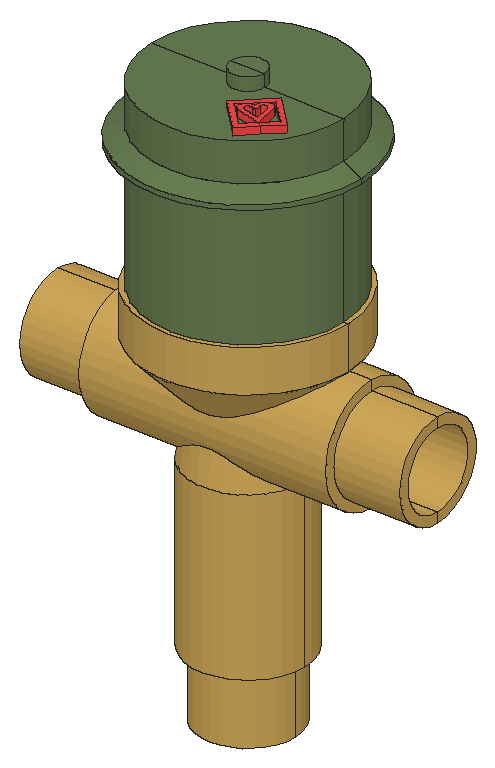
Revit family "Смесительный клапан системы водоснабжения 7766 54", category Rohrzubehör, Revit 2018
Family settings
  Bemaßung runder Anschluss = Durchmesser verwenden
  Teiletyp = Unterbricht
  OmniClass-Nummer = 23.65.55.14
  OmniClass-Titel = Valves for Liquid Services
  Arbeitsebenenbasiert = Nein
  Immer vertikal = Ja
  Beim Laden mit Abzugskörper schneiden = Nein
  Gemeinsam genutzt = Nein
Parameters
  Шпиндель = "латунь, устойчивая к селективной цинковой коррозии, CW626N"  # constant formula
  Уплотнение = "EPDM"  # constant formula
  Среда = "Питьевая вода"  # constant formula
  Пружина = "нержавеющая сталь 1.4310"  # constant formula
  Примечание = "В соответствии со статьей 33 Регламента REACH (Registration; Evaluation; Authorisation; Restriction of Chemicals) (EC № 1907/2006) мы обязаны указать, что свинец внесен в список SVHC (Substances of Very High Concern - вещества очень высокой важности) и весовой процент свинца во всех латунных компонентах заводского изготовления в наших изделиях, превышает 0,1 % (w/w) (CAS: 7439-92-1 / EINECS: 231-100-4).\r\nПоскольку свинец является легирующим компонентом сплава, прямое негативное влияние исключается, и поэтому дополнительной информации о безопасном использовании не требуется."
  Номер заказа = 2776654  # constant formula
  Маховик = "ABS"  # constant formula
  Корпус = "латунь, устойчивая к селективной цинковой коррозии, CC770S"  # constant formula
  Температурная стабильность на выходе = "+-2°C"  # constant formula
  Мин. превышение температуры горячей воды над температурой воды в смесителе = 15 °C  # constant formula
  Мин. расход = 0.07 L/s  # constant formula
  Мин. рабочая температура (холодная вода) = "5 °C - 25 °C"  # constant formula
  Макс. рабочая температура (горячая вода) = 85 °C  # constant formula
  Макс. рабочее давление (динамическое) = "0.2 - 6 bar"  # constant formula
  Указания по техническому обслуживанию = "• Рекомендуется проведение проверки не реже одного раза в год.\r\n   При использовании воды плохого или неизвестного качества проверки следует проводить чаще.\r\n• Проверки температуры воды на выходе должны выполняться точно таким же способом, как и при первичной установке; значение этой температуры не должно отличаться от заданной температуры более, чем на + / - 2 °С.\r\n• Обратные клапаны легко доступны для чистки.\r\n   Рекомендуется использовать плоскогубцы с удлиненными губками для того, чтобы избежать повреждений обратного клапана при его извлечении.\r\n• Помимо снятия маховика и очистки обратного клапана дальнейший демонтаж клапана для технического обслуживания не требуется."
  URL = "www.herz-armaturen.ru"
  Диапазон установки = "35 °C - 50 °C"  # constant formula
  Указания по безопасности = "Cмесительный клапан для систем питьевого водоснабжения выполняет функцию защитaы от ожога.\r\nЕго рекомендуется заменять каждые 5 лет.\r\nМестные стандарты и правила должны соблюдаться."
  SCTWSEQ = "AW;SBT_TYP_AW=\"104\";3"
  SCTWCODE = "04;18;03"  # constant formula
  S02 = H07 - H01 - H05  # 38.4 mm
  S01 = H00 - H01  # 61 mm
  R07 = 3.5 mm  # constant formula
  R06 = 24 mm  # constant formula
  R05 = 20.3 mm  # constant formula
  R04 = 24 mm  # constant formula
  R03 = R02 + 2 mm  # 12 mm
  R02 = Nennweite / 2  # 10 mm
  R01 = 8 mm  # constant formula
  Nennweite = 20 mm  # constant formula
  Температура смешения (заводская настройка) = 45 °C  # constant formula
  LO1 = H07 - H05  # 59.4 mm
  L02 = 21.3 mm  # constant formula
  L01 = 12 mm  # constant formula
  L00 = 40 mm  # constant formula
  Внутренние части = "латунь, устойчивая к селективной цинковой коррозии, CW626N"  # constant formula
  Hersteller = "HERZ Armaturen Ges.m.b.H."  # constant formula
  H08 = 8 mm  # constant formula
  H07 = 62 mm  # constant formula
  H06 = 25.4 mm  # constant formula
  H05 = 2.6 mm  # constant formula
  H04 = 35 mm  # constant formula
  H03 = 14 mm  # constant formula
  H02 = 9 mm  # constant formula
  H01 = 21 mm  # constant formula
  H00 = 82 mm  # constant formula
  Принцип работы = "Термостатический смесительный клапан 7766 TMV применяется в системах с теплой питьевой водой.\r\nНезависимо от изменений давления или температуры холодной и горячей воды, смешиваемой в клапане, смешанная вода постоянно регулируется до заданной температуры и расхода.\r\nТермостатический клапан работает независимо и без дополнительной энергии.\r\nПосле монтажа предварительно настроенное значение желаемой температуры смешивания поддерживается постоянным в пределах гистерезиса регулирования."
  Расход при давлении 3 бар = 0.7 L/s  # constant formula
  Рабочее давление (статическое) = 1000000.0 Pa  # constant formula
  Резьба для подключения = "плоское уплотнение, G 3/4"  # constant formula
Reference planes
  plane 1 "Mitte (Vorne/hinten)": y = 0
  plane 2: z = 0
  plane 3 "Mitte (Links/rechts)": x = 0
Forms (mm)
  Revolve 1, solid, material "Kunststoff GRÜN", detail levels fine
    sketch origin (-2.352, 0, -141.797) x (1, 0, 0) y (0, 0, 1)
      loop
        line (-1.148, 201.197) -> (-17.948, 201.197) -> (-17.948, 193.197) -> (-21.648, 191.197) -> (-21.648, 190.197) -> (-17.948, 188.197) -> (-17.948, 162.797) -> (2.352, 162.797) -> (2.352, 203.797) -> (-1.148, 203.797) -> (-1.148, 201.197)
      axis (2.352, 203.797) -> (2.352, 162.797)
    angle from 0 to 360
  Revolve 2, solid, material "Messing, weicher Gelbton, geschweißt", detail levels fine
    sketch origin (101.455, 0, 0) x (1, 0, 0) y (0, 0, 1)
      loop
        line (-101.455, -49) -> (-101.455, 21) -> (-122.755, 21) -> (-122.755, 12) -> (-111.455, 0) -> (-113.455, -12) -> (-113.455, -47) -> (-111.455, -47) -> (-111.455, -61) -> (-109.455, -61) -> (-109.455, -49) -> (-101.455, -49)
      axis (-101.455, 21) -> (-101.455, -61)
    angle from 0 to 360
  Revolve 3, solid, material "Messing, weicher Gelbton, geschweißt", detail levels fine
    sketch origin (-28, 0, 0) x (1, 0, 0) y (0, 0, 1)
      loop
        line (56, 8) -> (68, 8) -> (68, 10) -> (54, 10) -> (54, 12) -> (2, 12) -> (2, 10) -> (-12, 10) -> (-12, 8) -> (0, 8) -> (0, 0) -> (56, 0) -> (56, 8)
      axis (-12, 0) -> (68, 0)
    angle from 0 to 360
Lines and regions (mm)
  model lines, detail levels coarse+medium
    curve 1: line (-40, 0, 10) -> (-40, 0, -10)
    curve 2: line (-40, 0, -10) -> (40, 0, 10)
    curve 3: line (40, 0, 10) -> (40, 0, -10)
    curve 4: line (40, 0, -10) -> (-40, 0, 10)
    curve 5: line (0, 0, 0) -> (10, 0, -61)
    curve 6: line (10, 0, -61) -> (-10, 0, -61)
    curve 7: line (-10, 0, -61) -> (0, 0, 0)
    curve 8: line (0, 0, 0) -> (0, 0, 21)
    curve 9: line (-20.3, 0, 21) -> (20.3, 0, 21)
    curve 10: line (20.3, 0, 21) -> (20.3, 0, 59.4)
    curve 11: line (20.3, 0, 59.4) -> (-20.3, 0, 59.4)
    curve 12: line (-20.3, 0, 59.4) -> (-20.3, 0, 21)
    curve 13: line (20.3, 0, 59.4) -> (-20.3, 0, 21)
    curve 14: line (-20.3, 0, 59.4) -> (20.3, 0, 21)
    curve 15: line (-40, 10, 0) -> (-40, -10, 0)
    curve 16: line (-40, -10, 0) -> (40, 10, 0)
    curve 17: line (40, 10, 0) -> (40, -10, 0)
    curve 18: line (40, -10, 0) -> (-40, 10, 0)
    curve 19: line (0, 0, 0) -> (-10, -61, 0)
    curve 20: line (-10, -61, 0) -> (10, -61, 0)
    curve 21: line (10, -61, 0) -> (0, 0, 0)
    curve 22: line (0, 0, 0) -> (0, 21, 0)
    curve 23: line (-20.3, 21, 0) -> (20.3, 21, 0)
    curve 24: line (20.3, 21, 0) -> (20.3, 59.4, 0)
    curve 25: line (20.3, 59.4, 0) -> (-20.3, 59.4, 0)
    curve 26: line (-20.3, 59.4, 0) -> (-20.3, 21, 0)
    curve 27: line (20.3, 59.4, 0) -> (-20.3, 21, 0)
    curve 28: line (-20.3, 59.4, 0) -> (20.3, 21, 0)
Dimensions and locks
  "L00": Revolve 3 sketch curve to plane 3 "Mitte (Links/rechts)" to Revolve 3 sketch curve
  "L01": Revolve 3 sketch curve to Revolve 3 sketch curve  (x2)
  "R01": Revolve 3 sketch curve to Revolve 3 sketch curve  (x2)
  "R02": Revolve 3 sketch curve to Revolve 3 sketch curve
  "L02": Revolve 2 sketch curve to Revolve 2 sketch curve
  "H02": Revolve 2 sketch curve to Revolve 2 sketch curve
  "R02": Revolve 2 sketch curve to Revolve 2 sketch curve  (x2)
  "H01": Revolve 2 sketch curve to plane 2
  "H00": Revolve 2 sketch curve to Revolve 2 sketch curve
  "H03": Revolve 2 sketch curve to Revolve 2 sketch curve
  "R03": Revolve 2 sketch curve to Revolve 2 sketch curve
  "H04": Revolve 2 sketch curve to Revolve 2 sketch curve
  "R01": Revolve 2 sketch curve to Revolve 2 sketch curve
  "L01": Revolve 2 sketch curve to Revolve 2 sketch curve
  "H03": Revolve 3 sketch curve to Revolve 3 sketch curve  (x2)
  "R03": Revolve 3 sketch curve to Revolve 3 sketch curve
  "R05": Revolve 1 sketch curve to Revolve 1 sketch curve  (x2)
  "H07": Revolve 1 sketch curve to plane 2
  "H05": Revolve 1 sketch curve to Revolve 1 sketch curve
  "H06": Revolve 1 sketch curve to Revolve 1 sketch curve
  "H08": Revolve 1 sketch curve to Revolve 1 sketch curve
  "R06": Revolve 1 sketch curve to Revolve 1 sketch curve
  "R07": Revolve 1 sketch curve to Revolve 1 sketch curve
  "R02": curve 4 to plane 2 to curve 2
  "R02": curve 3 to plane 2 to curve 4
  "L00": curve 1 to plane 3 "Mitte (Links/rechts)" to curve 3
  "R02": curve 6 to plane 3 "Mitte (Links/rechts)" to curve 7
  "S01": plane 2 to curve 6
  "H01": curve 8 to plane 2
  "S02": curve 11 to Revolve 1
  "R05": curve 12 to plane 3 "Mitte (Links/rechts)" to curve 10
  "L00": curve 15 to plane 3 "Mitte (Links/rechts)" to curve 17
  "R02": curve 16 to plane 1 "Mitte (Vorne/hinten)" to curve 18
  "R02": curve 18 to plane 1 "Mitte (Vorne/hinten)" to curve 17
  "R02": curve 20 to plane 3 "Mitte (Links/rechts)" to curve 21
  "S01": curve 20 to plane 1 "Mitte (Vorne/hinten)"
  "H01": plane 1 "Mitte (Vorne/hinten)" to curve 22
  "S02": curve 23 to curve 25
  "R05": curve 26 to plane 3 "Mitte (Links/rechts)" to curve 24
  "LO1": nested 1 to plane 2
  aligned and locked: level to plane 2
Automatic sketch dimensions
  curve 5 to level = 0 mm
  curve 8 to level = 0 mm
  plane 1 "Mitte (Vorne/hinten)" to curve 19 = 0 mm
  plane 1 "Mitte (Vorne/hinten)" to curve 22 = 0 mm
  Revolve 1 sketch curve to plane 3 "Mitte (Links/rechts)" = 0 mm  (x2)
  Revolve 1 sketch curve to Revolve 1 sketch curve = 2 mm  (x2)
  Revolve 1 sketch curve to Revolve 1 sketch curve = 1 mm
  Revolve 1 sketch curve to level = 366.045 mm
  Revolve 1 sketch curve to Revolve 1 sketch curve = 2152.315 mm
  Revolve 2 sketch curve to level = 0 mm
  Revolve 2 sketch curve to plane 3 "Mitte (Links/rechts)" = 0 mm  (x2)
  Revolve 2 sketch curve to Revolve 2 sketch curve = 0 mm
  Revolve 2 sketch curve to Revolve 2 sketch curve = 2193.315 mm
  Revolve 3 sketch curve to level = 0 mm  (x2)
  Revolve 3 sketch curve to Revolve 3 sketch curve = 2 mm
  Revolve 3 sketch curve to Revolve 3 sketch curve = 0 mm  (x2)
Nested families
  nested 1: "Herz-Logo" at (9.58, -9.58, 59.4) x (0.7071, 0.7071, 0) z (0, 0, 1), type "Herz-Logo", detail levels fine
Connectors
  piping at (-40, 0, 0), diameter 20, driven by "Nennweite"
    settings: on Revolve 3, index 1, connector inside diameter 609.6 mm, connector length 0 mm, flow factor 0, pipe flow 0.0 L/s, pressure drop 0.0 Pa, fitting loss kfactor 0, connector angle 0.00°, fixture units 0, engagement length 0 mm, angle of deflection 0.00°, flow configuration 0, flow direction 1, fitting loss method 0, system type 20, joint type 0, gender type 0, connector reference index -1, connector utility 0, adjustable connector no, is connector primary yes, connector description ""
  piping at (40, 0, 0), diameter 20, driven by "Nennweite"
    settings: on Revolve 3, index 2, connector inside diameter 609.6 mm, connector length 0 mm, flow factor 0, pipe flow 0.0 L/s, pressure drop 0.0 Pa, fitting loss kfactor 0, connector angle 0.00°, fixture units 0, engagement length 0 mm, angle of deflection 0.00°, flow configuration 0, flow direction 1, fitting loss method 0, system type 19, joint type 0, gender type 0, connector reference index -1, connector utility 0, adjustable connector no, is connector primary no, connector description ""
  piping at (0, 0, -61), diameter 20, driven by "Nennweite"
    settings: on Revolve 2, index 3, connector inside diameter 609.6 mm, connector length 0 mm, flow factor 0, pipe flow 0.0 L/s, pressure drop 0.0 Pa, fitting loss kfactor 0, connector angle 0.00°, fixture units 0, engagement length 0 mm, angle of deflection 0.00°, flow configuration 0, flow direction 2, fitting loss method 0, system type 29, joint type 0, gender type 0, connector reference index -1, connector utility 0, adjustable connector no, is connector primary no, connector description ""
Definition of nested family "Herz-Logo"
  Reference planes
    plane 1 "Mitte (Vorne/hinten)": y = 0
    plane 2: z = 0
    plane 3 "Mitte (Links/rechts)": x = 0
  Forms (mm)
    Extrusion 1, solid
      sketch origin (0, 0, 0) x (1, 0, 0) y (0, 1, 0)
        loop
          line (-0.018, -4.517) -> (4.482, -4.517) -> (4.482, 4.483) -> (-4.518, 4.483) -> (-4.518, -4.517) -> (-0.018, -4.517)
        loop
          line (-0.05, -3.48) -> (3.482, -3.48) -> (3.482, 3.483) -> (-3.518, 3.483) -> (-3.518, -3.48) -> (-0.05, -3.48)
        loop
          arc (-0.018, 2.383) -> (-1.543, 3.287) -> (-3.067, 2.383) r 1.738
          arc (-3.067, 2.383) -> (-3.191, 1.899) -> (-3.067, 1.415) r 1.009
          line (-3.067, 1.415) -> (-0.018, -3.281) -> (3.032, 1.415)
          arc (3.032, 1.415) -> (3.156, 1.899) -> (3.032, 2.383) r 1.009
          arc (3.032, 2.383) -> (1.507, 3.287) -> (-0.018, 2.383) r 1.738
        loop
          arc (1.885, 1.272) -> (2.005, 1.675) -> (1.885, 2.079) r 0.74
          arc (1.885, 2.079) -> (1.265, 2.416) -> (0.644, 2.079) r 0.74
          line (0.644, 2.079) -> (-0.018, 0.97) -> (-0.679, 2.079)
          arc (-0.679, 2.079) -> (-1.3, 2.416) -> (-1.921, 2.079) r 0.74
          arc (-1.921, 2.079) -> (-2.04, 1.675) -> (-1.921, 1.272) r 0.74
          line (-1.921, 1.272) -> (-0.018, -1.658) -> (1.885, 1.272)
      from 0 to 1.5
  Dimensions and locks
    aligned and locked: level to plane 2
